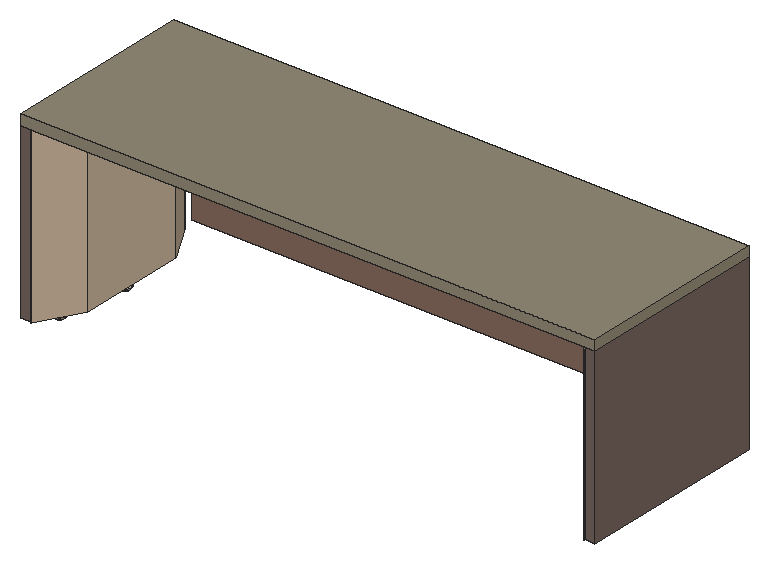
Revit family "Desk-Teknion-CHDH_High_Adjustable_Desk-R2021", category Furniture, Revit 2021
Family settings
  OmniClass Number = 23.40.20.00
  OmniClass Title = General Furniture and Specialties
  Work Plane-Based = No
  Always vertical = Yes
  Cut with Voids When Loaded = No
  Shared = Yes
  Room Calculation Point = No
Parameters (values of type "28" Depth, Mid Modesty Height , Inset Position")
  Width [instance] = 84.000"
  Warranty = "http://www.teknion.com/ca/papers/legal-canada"
  Unit Weight URL = "http://www.teknion.com/ca/tools/assets#&asset=bee6a381-b954-425e-8283-5a2de3a804f2,f828d448-4b62-4231-9e5f-9a8991c0ed77"
  URL = "www.teknion.com"
  Top Finish [instance] = Veneer - Teknion - VF - Desert Fawn
  To render please download texture images found here [instance] = "https://assets.teknion.com/web/5e81352c1dfdb467/revit-material-swatches/"
  Sustainability Data = "https://www.teknion.com/ca/tools/assets#&topic=216f99a5-57a0-44fc-b10a-9dee9b29ae4c&asset=444deb64-fe58-4b68-981e-f75e97781df7,b4ff2d81-9f2e-437d-9659-7cffb09c31cf"
  Series = "Chronicle"  # constant formula
  Product Page URL = "https://www.teknion.com/ca/products/product-details?productLineId=2302c16f-8e7a-673b-a6c8-ff05004460c4"
  Product Line = "Chronicle"  # constant formula
  Product Documentation Link = "https://www.teknion.com/pricing/chronicle/pdfs/Height-Adjustable_ppg.pdf"
  Part Number = "CHDH"  # constant formula
  Modesty Height = 20.250"
  Modesty Finish [instance] = Veneer-Teknion-UK-Natural_Veneer_V2-Medium_Dark_Cherry
  Model = "CHDH28_C"
  Metal Finish [instance] = Paint - Teknion - CQ - Chroma Metal - Soft Gold
  Manufacturer Phone = "416-661-3370"  # constant formula
  Manufacturer Fax = "416.661.4586"  # constant formula
  Manufacturer Contact Information = "http://www.teknion.com/ca/contactus"
  Manufacturer Address = "1150 Flint Road, Toronto, ON. M3J 2J5. Canada"  # constant formula
  Manufacturer = "Teknion"  # constant formula
  How To Use Teknion Materials User Guide [instance] = "https://assets.teknion.com/m/205dd0a49fa58060/original/How-to-add-a-Material-Library-and-Texture-Images-to-your-Revit-project.pdf"
  Gable Finish [instance] = Veneer-Teknion-UM-Natural_Veneer_V2-Dark_Brown_Cherry
  For Additional Finishes please visit [instance] = "https://assets.teknion.com/m/44a8009b046e5d47/original/Teknion_Materials_Library.zip"
  Description = "Height Adjustable Desk, 28\" Depth, Mid Modesty Height , Inset Position"
  Depth = 28.000"
  Default Elevation = 0.000"
  Available Width [instance] = "60,66,72,78,84 inches"  # constant formula
  Assembly Code = "E2020200"
Types (5): name | Top Finish | Modesty Height | Modesty Finish | Model | Metal Finish | Gable Finish | Description | Depth
  (no name) | Veneer - Teknion - VF - Desert Fawn | 20.250" | Veneer-Teknion-UK-Natural_Veneer_V2-Medium_Dark_Cherry | "CHDH28_C" | Paint - Teknion - CQ - Chroma Metal - Soft Gold | Veneer-Teknion-UM-Natural_Veneer_V2-Dark_Brown_Cherry | "Height Adjustable Desk, 28\" Depth, Mid Modesty Height , Inset Position" | 28.000"
  28" Depth, Partial Modesty Height , Inset Position | Veneer - Teknion - DV - Sierra | 10.000" | Veneer - Teknion - U5 - Arabica Walnut | "CHDH28_A" | Paint-Teknion-85-Y-Foundation-Clay | Veneer - Teknion - U1 - Salted Oak | "Height Adjustable Desk, 28\" Depth, Partial Modesty Height , Inset Position" | 28.000"
  28" Depth, Mid Modesty Height , Inset Position | Veneer - Teknion - VF - Desert Fawn | 20.250" | Veneer-Teknion-UK-Natural_Veneer_V2-Medium_Dark_Cherry | "CHDH28_C" | Paint - Teknion - CQ - Chroma Metal - Soft Gold | Veneer-Teknion-UM-Natural_Veneer_V2-Dark_Brown_Cherry | "Height Adjustable Desk, 28\" Depth, Mid Modesty Height , Inset Position" | 28.000"
  34" Depth, Partial Modesty Height , Inset Position | Veneer - Teknion - DV - Sierra | 10.000" | Veneer - Teknion - U5 - Arabica Walnut | "CHDH34_A" | Paint - Teknion - CQ - Chroma Metal - Soft Gold | Veneer - Teknion - DV - Sierra | "Height Adjustable Desk, 34\" Depth, Partial Modesty Height , Inset Position" | 34.000"
  34" Depth, Mid Modesty Height , Inset Position | Veneer-Teknion-LQ-Natural_Veneer_V3-Poppy_Seed_Flat_Cut | 20.250" | Veneer-Teknion-UM-Natural_Veneer_V2-Dark_Brown_Cherry | "CHDH34_C" | Paint-Teknion-20-T-Foundation-Atrium White | Veneer-Teknion-LQ-Natural_Veneer_V3-Poppy_Seed_Flat_Cut | "Height Adjustable Desk, 34\" Depth, Mid Modesty Height , Inset Position" | 34.000"
Reference planes (in)
  plane 1 "Center Front/Back": y = -1050
  plane 2: z = 0
  plane 3 "Center Left/Right": x = 1350
  plane 4 "Left": x = 1308
  plane 5 "Right": x = 1392
  plane 6 "Back": y = -1036
  plane 7 "Front": y = -1064
  plane 8 "Top": z = 27.49981
  plane 9: y = -1059.9
  plane 10: y = -1040.1
Forms (in)
  Sweep 1, solid, material "Veneer - Teknion - VF - Desert Fawn" <- "Top Finish"
    path origin (0, -1050, 0) x (1, 0, 0) y (0, 0, 1)
      loop
        line (1350, 27.49981) -> (1350, 25.99981)
    profile origin (1350, -1050, 26.74981) x (0, -1, 0) y (1, 0, 0)
      loop
        line (-14, -42) -> (14, -42) -> (14, 42) -> (-14, 42) -> (-14, -42)
  Sweep 2, solid, material "Veneer-Teknion-UM-Natural_Veneer_V2-Dark_Brown_Cherry" <- "Gable Finish"
    path origin (0, -1050, 0) x (1, 0, 0) y (0, 0, 1)
      loop
        line (1350, 25.99981) -> (1350, 0.81181)
    profile origin (1350, -1050, 13.40581) x (0, -1, 0) y (1, 0, 0)
      loop
        line (-14, -42) -> (14, -42) -> (14, -40.476) -> (-14, -40.476) -> (-14, -42)
      loop
        line (-14, 42) -> (-14, 40.476) -> (14, 40.476) -> (14, 42) -> (-14, 42)
  Sweep 3, solid, material "Paint - Teknion - CQ - Chroma Metal - Soft Gold" <- "Metal Finish"
    path origin (0, -1050, 0) x (1, 0, 0) y (0, 0, 1)
      loop
        line (1350, 25.99981) -> (1350, 0.74981)
    profile origin (1350, -1050, 13.37481) x (0, -1, 0) y (1, 0, 0)
      loop
        line (8.02547, -36.94) -> (-8.02547, -36.94) -> (-13.93022, -40.34911)
        arc (-13.93022, -40.34911) -> (-13.9619, -40.4256) -> (-13.89622, -40.476) r 0.068
        line (-13.89622, -40.476) -> (13.89622, -40.476)
        arc (13.89622, -40.476) -> (13.9619, -40.4256) -> (13.93022, -40.34911) r 0.068
        line (13.93022, -40.34911) -> (8.02547, -36.94)
      loop
        line (8.02547, 36.94) -> (13.93022, 40.34911)
        arc (13.93022, 40.34911) -> (13.9619, 40.4256) -> (13.89622, 40.476) r 0.068
        line (13.89622, 40.476) -> (-13.89622, 40.476)
        arc (-13.89622, 40.476) -> (-13.9619, 40.4256) -> (-13.93022, 40.34911) r 0.068
        line (-13.93022, 40.34911) -> (-8.02547, 36.94) -> (8.02547, 36.94)
  Sweep 4, void
    path origin (0, 0, 0) x (1, 0, 0) y (0, 1, 0)
      loop
        line (1392, -1050) -> (1308, -1050)
    profile origin (1350, -1050, 0) x (0, -1, 0) y (0, 0, 1)
      loop
        line (3.5, 23.99981) -> (3.5, 25.99981) -> (-3.5, 25.99981) -> (-3.5, 23.99981)
        arc (-3.5, 23.99981) -> (-3.46339, 23.91142) -> (-3.375, 23.87481) r 0.125
        line (-3.375, 23.87481) -> (3.375, 23.87481)
        arc (3.375, 23.87481) -> (3.46339, 23.91142) -> (3.5, 23.99981) r 0.125
  Sweep 5, solid, material "Paint - Teknion - CQ - Chroma Metal - Soft Gold" <- "Metal Finish"
    path origin (0, 0, 0) x (1, 0, 0) y (0, 1, 0)
      loop
        line (1317, -1050) -> (1383, -1050)
    profile origin (1350, -1050, 0) x (0, 1, 0) y (0, 0, 1)
      loop
        arc (-2.07, 24.00581) -> (-2.04335, 23.94146) -> (-1.979, 23.91481) r 0.091
        line (-1.979, 23.91481) -> (-1.411, 23.91481)
        arc (-1.411, 23.91481) -> (-1.34665, 23.94146) -> (-1.32, 24.00581) r 0.091
        line (-1.32, 24.00581) -> (-1.32, 24.90981) -> (-1.38, 24.90981) -> (-1.38, 24.00581)
        arc (-1.38, 24.00581) -> (-1.38908, 23.98389) -> (-1.411, 23.97481) r 0.031
        line (-1.411, 23.97481) -> (-1.979, 23.97481)
        arc (-1.979, 23.97481) -> (-2.00092, 23.98389) -> (-2.01, 24.00581) r 0.031
        line (-2.01, 24.00581) -> (-2.01, 25.90881)
        arc (-2.01, 25.90881) -> (-2.00092, 25.93073) -> (-1.979, 25.93981) r 0.031
        line (-1.979, 25.93981) -> (-0.82, 25.93981) -> (-0.82, 25.99981) -> (-1.979, 25.99981)
        arc (-1.979, 25.99981) -> (-2.04335, 25.97315) -> (-2.07, 25.90881) r 0.091
        line (-2.07, 25.90881) -> (-2.07, 24.00581)
  Sweep 6, solid, material "Paint - Teknion - CQ - Chroma Metal - Soft Gold" <- "Metal Finish"
    path origin (0, 0, 0) x (1, 0, 0) y (0, 1, 0)
      loop
        line (1317, -1050) -> (1313.06, -1050)
    profile origin (1315.03, -1050, 0) x (0, -1, 0) y (0, 0, 1)
      loop
        line (2.041, 25.87981) -> (6.01, 25.87981) -> (6.01, 25.99981) -> (2.041, 25.99981)
        arc (2.041, 25.99981) -> (1.93423, 25.95558) -> (1.89, 25.84881) r 0.151
        line (1.89, 25.84881) -> (1.89, 24.06581)
        arc (1.89, 24.06581) -> (1.88092, 24.04389) -> (1.859, 24.03481) r 0.031
        line (1.859, 24.03481) -> (0.041, 24.03481) -> (0.041, 23.91481) -> (1.859, 23.91481)
        arc (1.859, 23.91481) -> (1.96577, 23.95903) -> (2.01, 24.06581) r 0.151
        line (2.01, 24.06581) -> (2.01, 25.84881)
        arc (2.01, 25.84881) -> (2.01908, 25.87073) -> (2.041, 25.87981) r 0.031
      loop
        arc (-2.041, 25.87981) -> (-2.01908, 25.87073) -> (-2.01, 25.84881) r 0.031
        line (-2.01, 25.84881) -> (-2.01, 24.06581)
        arc (-2.01, 24.06581) -> (-1.96577, 23.95903) -> (-1.859, 23.91481) r 0.151
        line (-1.859, 23.91481) -> (-0.041, 23.91481) -> (-0.041, 24.03481) -> (-1.859, 24.03481)
        arc (-1.859, 24.03481) -> (-1.88092, 24.04389) -> (-1.89, 24.06581) r 0.031
        line (-1.89, 24.06581) -> (-1.89, 25.84881)
        arc (-1.89, 25.84881) -> (-1.93423, 25.95558) -> (-2.041, 25.99981) r 0.151
        line (-2.041, 25.99981) -> (-6.01, 25.99981) -> (-6.01, 25.87981) -> (-2.041, 25.87981)
  Sweep 7, solid, material "Paint - Teknion - CQ - Chroma Metal - Soft Gold" <- "Metal Finish"
    path origin (0, 0, 0) x (1, 0, 0) y (0, 1, 0)
      loop
        line (1383, -1050) -> (1386.94, -1050)
    profile origin (1384.97, -1050, 0) x (0, 1, 0) y (0, 0, 1)
      loop
        line (-6.01, 25.87981) -> (-2.041, 25.87981)
        arc (-2.041, 25.87981) -> (-2.01908, 25.87073) -> (-2.01, 25.84881) r 0.031
        line (-2.01, 25.84881) -> (-2.01, 24.06581)
        arc (-2.01, 24.06581) -> (-1.96577, 23.95903) -> (-1.859, 23.91481) r 0.151
        line (-1.859, 23.91481) -> (-0.041, 23.91481) -> (-0.041, 24.03481) -> (-1.859, 24.03481)
        arc (-1.859, 24.03481) -> (-1.88092, 24.04389) -> (-1.89, 24.06581) r 0.031
        line (-1.89, 24.06581) -> (-1.89, 25.84881)
        arc (-1.89, 25.84881) -> (-1.93423, 25.95558) -> (-2.041, 25.99981) r 0.151
        line (-2.041, 25.99981) -> (-6.01, 25.99981) -> (-6.01, 25.87981)
      loop
        line (0.041, 24.03481) -> (0.041, 23.91481) -> (1.859, 23.91481)
        arc (1.859, 23.91481) -> (1.96577, 23.95903) -> (2.01, 24.06581) r 0.151
        line (2.01, 24.06581) -> (2.01, 25.84881)
        arc (2.01, 25.84881) -> (2.01908, 25.87073) -> (2.041, 25.87981) r 0.031
        line (2.041, 25.87981) -> (6.01, 25.87981) -> (6.01, 25.99981) -> (2.041, 25.99981)
        arc (2.041, 25.99981) -> (1.93423, 25.95558) -> (1.89, 25.84881) r 0.151
        line (1.89, 25.84881) -> (1.89, 24.06581)
        arc (1.89, 24.06581) -> (1.88092, 24.04389) -> (1.859, 24.03481) r 0.031
        line (1.859, 24.03481) -> (0.041, 24.03481)
  Sweep 8, solid, material "Veneer-Teknion-UK-Natural_Veneer_V2-Medium_Dark_Cherry" <- "Modesty Finish"
    path origin (0, 0, 0) x (1, 0, 0) y (0, 1, 0)
      loop
        line (1350, -1040) -> (1350, -1040.724)
    profile origin (1350, -1040.362, 0) x (1, 0, 0) y (0, 0, 1)
      loop
        line (-35.5, 25.99981) -> (-35.5, 5.74981) -> (35.5, 5.74981) -> (35.5, 25.99981) -> (2.275, 25.99981) -> (2.275, 25.29981)
        arc (2.275, 25.29981) -> (2.12855, 24.94625) -> (1.775, 24.79981) r 0.5
        line (1.775, 24.79981) -> (-1.775, 24.79981)
        arc (-1.775, 24.79981) -> (-2.12855, 24.94625) -> (-2.275, 25.29981) r 0.5
        line (-2.275, 25.29981) -> (-2.275, 25.99981) -> (-35.5, 25.99981)
  Sweep 9, solid, material "Paint - Teknion - CQ - Chroma Metal - Soft Gold" <- "Metal Finish"
    path origin (0, -1050, 0) x (1, 0, 0) y (0, 0, 1)
      loop
        line (1350, 0.50557) -> (1350, 0.29441)
    profile origin (1350, -1050, 0.39999) x (0, -1, 0) y (1, 0, 0)
      loop
        line (-10.15197, -39.34873) -> (-10.15197, -39.63968) -> (-9.9, -39.78515) -> (-9.64803, -39.63968) -> (-9.64803, -39.34873) -> (-9.9, -39.20326) -> (-10.15197, -39.34873)
      loop
        line (-0.25197, -37.69173) -> (-0.25197, -37.98268) -> (0, -38.12815) -> (0.25197, -37.98268) -> (0.25197, -37.69173) -> (0, -37.54626) -> (-0.25197, -37.69173)
      loop
        line (9.64803, -39.34873) -> (9.64803, -39.63968) -> (9.9, -39.78515) -> (10.15197, -39.63968) -> (10.15197, -39.34873) -> (9.9, -39.20326) -> (9.64803, -39.34873)
      loop
        line (-10.15197, 39.34873) -> (-9.9, 39.20326) -> (-9.64803, 39.34873) -> (-9.64803, 39.63968) -> (-9.9, 39.78515) -> (-10.15197, 39.63968) -> (-10.15197, 39.34873)
      loop
        line (-0.25197, 37.69173) -> (0, 37.54626) -> (0.25197, 37.69173) -> (0.25197, 37.98268) -> (0, 38.12815) -> (-0.25197, 37.98268) -> (-0.25197, 37.69173)
      loop
        line (9.64803, 39.34873) -> (9.9, 39.20326) -> (10.15197, 39.34873) -> (10.15197, 39.63968) -> (9.9, 39.78515) -> (9.64803, 39.63968) -> (9.64803, 39.34873)
  Revolve 10, solid, material "Paint - Teknion - CQ - Chroma Metal - Soft Gold" <- "Metal Finish"
    sketch origin (1310.21485, -1040.1, 48) x (-1, 0, 0) y (0, 0, 1)
      loop
        line (-0.29095, -47.25019) -> (-0.47432, -47.25019) -> (-0.47432, -47.67079)
        arc (-0.47432, -47.67079) -> (-0.78134, -47.68323) -> (-1.08769, -47.707) r 8.32177
        line (-1.08769, -47.707) -> (-1.00945, -47.84252) -> (-0.96503, -47.84252) -> (-0.87411, -48) -> (-0.29095, -48) -> (-0.29095, -47.25019)
      axis (-0.29095, -47.25019) -> (-0.29095, -48)
    angle from 0 to 360
  Revolve 11, solid, material "Paint - Teknion - CQ - Chroma Metal - Soft Gold" <- "Metal Finish"
    sketch origin (1310.21485, -1040.1, 48) x (-1, 0, 0) y (0, 0, 1)
      loop
        line (-79.27936, -47.25019) -> (-79.27936, -48) -> (-78.69619, -48) -> (-78.60527, -47.84252) -> (-78.56085, -47.84252) -> (-78.48261, -47.707)
        arc (-78.48261, -47.707) -> (-78.78896, -47.68323) -> (-79.09599, -47.67079) r 8.32177
        line (-79.09599, -47.67079) -> (-79.09599, -47.25019) -> (-79.27936, -47.25019)
      axis (-79.27936, -47.25019) -> (-79.27936, -48)
    angle from 0 to 360
  Revolve 12, solid, material "Paint - Teknion - CQ - Chroma Metal - Soft Gold" <- "Metal Finish"
    sketch origin (1310.21485, -1059.9, 48) x (-1, 0, 0) y (0, 0, 1)
      loop
        line (-79.27936, -47.25019) -> (-79.27936, -48) -> (-78.69619, -48) -> (-78.60527, -47.84252) -> (-78.56085, -47.84252) -> (-78.48261, -47.707)
        arc (-78.48261, -47.707) -> (-78.78896, -47.68323) -> (-79.09599, -47.67079) r 8.32177
        line (-79.09599, -47.67079) -> (-79.09599, -47.25019) -> (-79.27936, -47.25019)
      axis (-79.27936, -47.25019) -> (-79.27936, -48)
    angle from 0 to 360
  Revolve 13, solid, material "Paint - Teknion - CQ - Chroma Metal - Soft Gold" <- "Metal Finish"
    sketch origin (1310.21485, -1059.9, 48) x (-1, 0, 0) y (0, 0, 1)
      loop
        line (-0.29095, -47.25019) -> (-0.47432, -47.25019) -> (-0.47432, -47.67079)
        arc (-0.47432, -47.67079) -> (-0.78134, -47.68323) -> (-1.08769, -47.707) r 8.32177
        line (-1.08769, -47.707) -> (-1.00945, -47.84252) -> (-0.96503, -47.84252) -> (-0.87411, -48) -> (-0.29095, -48) -> (-0.29095, -47.25019)
      axis (-0.29095, -47.25019) -> (-0.29095, -48)
    angle from 0 to 360
  Revolve 14, solid, material "Paint - Teknion - CQ - Chroma Metal - Soft Gold" <- "Metal Finish"
    sketch origin (1311.87185, -1050, 48) x (-1, 0, 0) y (0, 0, 1)
      loop
        line (-0.29095, -47.25019) -> (-0.47432, -47.25019) -> (-0.47432, -47.67079)
        arc (-0.47432, -47.67079) -> (-0.78134, -47.68323) -> (-1.08769, -47.707) r 8.32177
        line (-1.08769, -47.707) -> (-1.00945, -47.84252) -> (-0.96503, -47.84252) -> (-0.87411, -48) -> (-0.29095, -48) -> (-0.29095, -47.25019)
      axis (-0.29095, -47.25019) -> (-0.29095, -48)
    angle from 0 to 360
  Revolve 15, solid, material "Paint - Teknion - CQ - Chroma Metal - Soft Gold" <- "Metal Finish"
    sketch origin (1388.12815, -1050, 48) x (1, 0, 0) y (0, 0, -1)
      loop
        line (-0.29095, 47.25019) -> (-0.29095, 48) -> (-0.87411, 48) -> (-0.96503, 47.84252) -> (-1.00945, 47.84252) -> (-1.08769, 47.707)
        arc (-1.08769, 47.707) -> (-0.78134, 47.68323) -> (-0.47432, 47.67079) r 8.32177
        line (-0.47432, 47.67079) -> (-0.47432, 47.25019) -> (-0.29095, 47.25019)
      axis (-0.29095, 47.25019) -> (-0.29095, 48)
    angle from 0 to 360
Cuts and joins
  Sweep 4 cuts Sweep 3
  joined: Sweep 5, Sweep 6, Sweep 7
Lines and regions (in)
  Masking region 1
    outline origin (0, 0, 0) x (1, 0, 0) y (0, 1, 0)
      loop
        line (1308, -1036) -> (1308, -1064) -> (1392, -1064) -> (1392, -1036) -> (1308, -1036)
  symbolic lines, style "FurnitureHiddenLines", detail levels medium+fine
    curve 1: line (1314.5, -1040, 0) -> (1385.5, -1040, 0)
    curve 2: line (1314.5, -1040.724, 0) -> (1314.5, -1040, 0)
    curve 3: line (1385.5, -1040.724, 0) -> (1314.5, -1040.724, 0)
    curve 4: line (1385.5, -1040, 0) -> (1385.5, -1040.724, 0)
    curve 5: line (1317, -1050.82, 0) -> (1383, -1050.82, 0)
    curve 6: line (1317, -1052.07, 0) -> (1317, -1050.82, 0)
    curve 7: line (1383, -1052.07, 0) -> (1317, -1052.07, 0)
    curve 8: line (1383, -1050.82, 0) -> (1383, -1052.07, 0)
    curve 9: line (1317, -1056.01, 0) -> (1313.06, -1056.01, 0)
    curve 10: line (1317, -1043.99, 0) -> (1317, -1056.01, 0)
    curve 11: line (1313.06, -1043.99, 0) -> (1317, -1043.99, 0)
    curve 12: line (1313.06, -1056.01, 0) -> (1313.06, -1043.99, 0)
    curve 13: line (1383, -1043.99, 0) -> (1386.94, -1043.99, 0)
    curve 14: line (1383, -1056.01, 0) -> (1383, -1043.99, 0)
    curve 15: line (1386.94, -1056.01, 0) -> (1383, -1056.01, 0)
    curve 16: line (1386.94, -1043.99, 0) -> (1386.94, -1056.01, 0)
    curve 17: line (1313.06, -1049.959, 0) -> (1317, -1049.959, 0)
    curve 18: line (1317, -1050.041, 0) -> (1313.06, -1050.041, 0)
    curve 19: line (1309.524, -1046.5, 0) -> (1313.06, -1046.5, 0)
    curve 20: line (1313.06, -1053.5, 0) -> (1309.524, -1053.5, 0)
    curve 21: line (1386.94, -1046.5, 0) -> (1390.476, -1046.5, 0)
    curve 22: line (1390.476, -1053.5, 0) -> (1386.94, -1053.5, 0)
    curve 23: line (1309.65089, -1063.93022, 0) -> (1313.06, -1058.02547, 0)
    curve 24: line (1309.524, -1064, 0) -> (1309.524, -1036, 0)
    curve 25: line (1313.06, -1041.97453, 0) -> (1309.65089, -1036.06978, 0)
    curve 26: line (1390.34911, -1036.06978, 0) -> (1386.94, -1041.97453, 0)
    curve 27: line (1390.476, -1036, 0) -> (1390.476, -1064, 0)
    curve 28: line (1386.94, -1058.02547, 0) -> (1390.34911, -1063.93022, 0)
    curve 29: line (1383, -1051.32, 0) -> (1317, -1051.32, 0)
    curve 30: line (1317, -1051.38, 0) -> (1383, -1051.38, 0)
    curve 31: line (1383, -1051.89, 0) -> (1386.94, -1051.89, 0)
    curve 32: line (1383, -1048.11, 0) -> (1386.94, -1048.11, 0)
    curve 33: line (1383, -1052.01, 0) -> (1317, -1052.01, 0)
    curve 130: arc (1309.65089, -1036.06978, 0) -> (1309.5744, -1036.0381, 0) -> (1309.524, -1036.10378, 0) r 0.068
    curve 131: arc (1309.524, -1063.89622, 0) -> (1309.5744, -1063.9619, 0) -> (1309.65089, -1063.93022, 0) r 0.068
    curve 132: arc (1390.34911, -1063.93022, 0) -> (1390.4256, -1063.9619, 0) -> (1390.476, -1063.89622, 0) r 0.068
    curve 133: arc (1390.476, -1036.10378, 0) -> (1390.4256, -1036.0381, 0) -> (1390.34911, -1036.06978, 0) r 0.068
  symbolic lines, style "FurnitureHiddenLines", detail levels fine
    curve 34: arc (1309.70905, -1040.1, 0) -> (1310.5058, -1039.30325, 0) -> (1311.30254, -1040.1, 0) r 0.79675
    curve 35: arc (1309.78729, -1040.1, 0) -> (1310.5058, -1039.3815, 0) -> (1311.2243, -1040.1, 0) r 0.7185
    curve 36: arc (1309.83171, -1040.1, 0) -> (1310.5058, -1039.42591, 0) -> (1311.17988, -1040.1, 0) r 0.67409
    curve 37: arc (1309.92263, -1040.1, 0) -> (1310.5058, -1039.51684, 0) -> (1311.08896, -1040.1, 0) r 0.58316
    curve 38: line (1310.65127, -1039.84803, 0) -> (1310.36032, -1039.84803, 0)
    curve 39: line (1310.36032, -1039.84803, 0) -> (1310.21485, -1040.1, 0)
    curve 40: line (1310.79674, -1040.1, 0) -> (1310.65127, -1039.84803, 0)
    curve 41: arc (1310.68917, -1040.1, 0) -> (1310.5058, -1039.91663, 0) -> (1310.32242, -1040.1, 0) r 0.18337
    curve 42: arc (1310.32242, -1040.1, 0) -> (1310.5058, -1040.28337, 0) -> (1310.68917, -1040.1, 0) r 0.18337
    curve 43: line (1310.36032, -1040.35197, 0) -> (1310.65127, -1040.35197, 0)
    curve 44: line (1310.21485, -1040.1, 0) -> (1310.36032, -1040.35197, 0)
    curve 45: line (1310.65127, -1040.35197, 0) -> (1310.79674, -1040.1, 0)
    curve 46: arc (1311.08896, -1040.1, 0) -> (1310.5058, -1040.68316, 0) -> (1309.92263, -1040.1, 0) r 0.58316
    curve 47: arc (1311.17988, -1040.1, 0) -> (1310.5058, -1040.77409, 0) -> (1309.83171, -1040.1, 0) r 0.67409
    curve 48: arc (1311.2243, -1040.1, 0) -> (1310.5058, -1040.8185, 0) -> (1309.78729, -1040.1, 0) r 0.7185
    curve 49: arc (1311.30254, -1040.1, 0) -> (1310.5058, -1040.89675, 0) -> (1309.70905, -1040.1, 0) r 0.79675
    curve 50: arc (1311.36605, -1050, 0) -> (1312.1628, -1049.20325, 0) -> (1312.95954, -1050, 0) r 0.79675
    curve 51: arc (1311.44429, -1050, 0) -> (1312.1628, -1049.2815, 0) -> (1312.8813, -1050, 0) r 0.7185
    curve 52: arc (1311.48871, -1050, 0) -> (1312.1628, -1049.32591, 0) -> (1312.83688, -1050, 0) r 0.67409
    curve 53: arc (1311.57963, -1050, 0) -> (1312.1628, -1049.41684, 0) -> (1312.74596, -1050, 0) r 0.58316
    curve 54: line (1312.30827, -1049.74803, 0) -> (1312.01732, -1049.74803, 0)
    curve 55: line (1312.01732, -1049.74803, 0) -> (1311.87185, -1050, 0)
    curve 56: line (1312.45374, -1050, 0) -> (1312.30827, -1049.74803, 0)
    curve 57: arc (1311.97942, -1050, 0) -> (1312.1628, -1049.81663, 0) -> (1312.34617, -1050, 0) r 0.18337
    curve 58: arc (1312.34617, -1050, 0) -> (1312.1628, -1050.18337, 0) -> (1311.97942, -1050, 0) r 0.18337
    curve 59: line (1312.01732, -1050.25197, 0) -> (1312.30827, -1050.25197, 0)
    curve 60: line (1311.87185, -1050, 0) -> (1312.01732, -1050.25197, 0)
    curve 61: line (1312.30827, -1050.25197, 0) -> (1312.45374, -1050, 0)
    curve 62: arc (1312.74596, -1050, 0) -> (1312.1628, -1050.58316, 0) -> (1311.57963, -1050, 0) r 0.58316
    curve 63: arc (1312.83688, -1050, 0) -> (1312.1628, -1050.67409, 0) -> (1311.48871, -1050, 0) r 0.67409
    curve 64: arc (1312.8813, -1050, 0) -> (1312.1628, -1050.7185, 0) -> (1311.44429, -1050, 0) r 0.7185
    curve 65: arc (1312.95954, -1050, 0) -> (1312.1628, -1050.79675, 0) -> (1311.36605, -1050, 0) r 0.79675
    curve 66: arc (1309.70905, -1059.9, 0) -> (1310.5058, -1059.10325, 0) -> (1311.30254, -1059.9, 0) r 0.79675
    curve 67: arc (1309.78729, -1059.9, 0) -> (1310.5058, -1059.1815, 0) -> (1311.2243, -1059.9, 0) r 0.7185
    curve 68: arc (1309.83171, -1059.9, 0) -> (1310.5058, -1059.22591, 0) -> (1311.17988, -1059.9, 0) r 0.67409
    curve 69: arc (1309.92263, -1059.9, 0) -> (1310.5058, -1059.31684, 0) -> (1311.08896, -1059.9, 0) r 0.58316
    curve 70: line (1310.65127, -1059.64803, 0) -> (1310.36032, -1059.64803, 0)
    curve 71: line (1310.36032, -1059.64803, 0) -> (1310.21485, -1059.9, 0)
    curve 72: line (1310.79674, -1059.9, 0) -> (1310.65127, -1059.64803, 0)
    curve 73: arc (1310.32242, -1059.9, 0) -> (1310.5058, -1059.71663, 0) -> (1310.68917, -1059.9, 0) r 0.18337
    curve 74: arc (1310.68917, -1059.9, 0) -> (1310.5058, -1060.08337, 0) -> (1310.32242, -1059.9, 0) r 0.18337
    curve 75: line (1310.36032, -1060.15197, 0) -> (1310.65127, -1060.15197, 0)
    curve 76: line (1310.21485, -1059.9, 0) -> (1310.36032, -1060.15197, 0)
    curve 77: line (1310.65127, -1060.15197, 0) -> (1310.79674, -1059.9, 0)
    curve 78: arc (1311.08896, -1059.9, 0) -> (1310.5058, -1060.48316, 0) -> (1309.92263, -1059.9, 0) r 0.58316
    curve 79: arc (1311.17988, -1059.9, 0) -> (1310.5058, -1060.57409, 0) -> (1309.83171, -1059.9, 0) r 0.67409
    curve 80: arc (1311.2243, -1059.9, 0) -> (1310.5058, -1060.6185, 0) -> (1309.78729, -1059.9, 0) r 0.7185
    curve 81: arc (1311.30254, -1059.9, 0) -> (1310.5058, -1060.69675, 0) -> (1309.70905, -1059.9, 0) r 0.79675
    curve 82: arc (1388.69746, -1059.9, 0) -> (1389.4942, -1059.10325, 0) -> (1390.29095, -1059.9, 0) r 0.79675
    curve 83: arc (1388.7757, -1059.9, 0) -> (1389.4942, -1059.1815, 0) -> (1390.21271, -1059.9, 0) r 0.7185
    curve 84: arc (1388.82012, -1059.9, 0) -> (1389.4942, -1059.22591, 0) -> (1390.16829, -1059.9, 0) r 0.67409
    curve 85: arc (1388.91104, -1059.9, 0) -> (1389.4942, -1059.31684, 0) -> (1390.07737, -1059.9, 0) r 0.58316
    curve 86: line (1389.63968, -1059.64803, 0) -> (1389.34873, -1059.64803, 0)
    curve 87: line (1389.34873, -1059.64803, 0) -> (1389.20326, -1059.9, 0)
    curve 88: line (1389.78515, -1059.9, 0) -> (1389.63968, -1059.64803, 0)
    curve 89: arc (1389.67758, -1059.9, 0) -> (1389.4942, -1059.71663, 0) -> (1389.31083, -1059.9, 0) r 0.18337
    curve 90: arc (1389.31083, -1059.9, 0) -> (1389.4942, -1060.08337, 0) -> (1389.67758, -1059.9, 0) r 0.18337
    curve 91: line (1389.34873, -1060.15197, 0) -> (1389.63968, -1060.15197, 0)
    curve 92: line (1389.20326, -1059.9, 0) -> (1389.34873, -1060.15197, 0)
    curve 93: line (1389.63968, -1060.15197, 0) -> (1389.78515, -1059.9, 0)
    curve 94: arc (1390.07737, -1059.9, 0) -> (1389.4942, -1060.48316, 0) -> (1388.91104, -1059.9, 0) r 0.58316
    curve 95: arc (1390.16829, -1059.9, 0) -> (1389.4942, -1060.57409, 0) -> (1388.82012, -1059.9, 0) r 0.67409
    curve 96: arc (1390.21271, -1059.9, 0) -> (1389.4942, -1060.6185, 0) -> (1388.7757, -1059.9, 0) r 0.7185
    curve 97: arc (1390.29095, -1059.9, 0) -> (1389.4942, -1060.69675, 0) -> (1388.69746, -1059.9, 0) r 0.79675
    curve 98: arc (1387.04046, -1050, 0) -> (1387.8372, -1049.20325, 0) -> (1388.63395, -1050, 0) r 0.79675
    curve 99: arc (1387.1187, -1050, 0) -> (1387.8372, -1049.2815, 0) -> (1388.55571, -1050, 0) r 0.7185
    curve 100: arc (1387.16312, -1050, 0) -> (1387.8372, -1049.32591, 0) -> (1388.51129, -1050, 0) r 0.67409
    curve 101: arc (1387.25404, -1050, 0) -> (1387.8372, -1049.41684, 0) -> (1388.42037, -1050, 0) r 0.58316
    curve 102: line (1387.98268, -1049.74803, 0) -> (1387.69173, -1049.74803, 0)
    curve 103: line (1387.69173, -1049.74803, 0) -> (1387.54626, -1050, 0)
    curve 104: line (1388.12815, -1050, 0) -> (1387.98268, -1049.74803, 0)
    curve 105: arc (1388.02058, -1050, 0) -> (1387.8372, -1049.81663, 0) -> (1387.65383, -1050, 0) r 0.18337
    curve 106: arc (1387.65383, -1050, 0) -> (1387.8372, -1050.18337, 0) -> (1388.02058, -1050, 0) r 0.18337
    curve 107: line (1387.69173, -1050.25197, 0) -> (1387.98268, -1050.25197, 0)
    curve 108: line (1387.54626, -1050, 0) -> (1387.69173, -1050.25197, 0)
    curve 109: line (1387.98268, -1050.25197, 0) -> (1388.12815, -1050, 0)
    curve 110: arc (1388.42037, -1050, 0) -> (1387.8372, -1050.58316, 0) -> (1387.25404, -1050, 0) r 0.58316
    curve 111: arc (1388.51129, -1050, 0) -> (1387.8372, -1050.67409, 0) -> (1387.16312, -1050, 0) r 0.67409
    curve 112: arc (1388.55571, -1050, 0) -> (1387.8372, -1050.7185, 0) -> (1387.1187, -1050, 0) r 0.7185
    curve 113: arc (1388.63395, -1050, 0) -> (1387.8372, -1050.79675, 0) -> (1387.04046, -1050, 0) r 0.79675
    curve 114: arc (1388.69746, -1040.1, 0) -> (1389.4942, -1039.30325, 0) -> (1390.29095, -1040.1, 0) r 0.79675
    curve 115: arc (1388.7757, -1040.1, 0) -> (1389.4942, -1039.3815, 0) -> (1390.21271, -1040.1, 0) r 0.7185
    curve 116: arc (1388.82012, -1040.1, 0) -> (1389.4942, -1039.42591, 0) -> (1390.16829, -1040.1, 0) r 0.67409
    curve 117: arc (1388.91104, -1040.1, 0) -> (1389.4942, -1039.51684, 0) -> (1390.07737, -1040.1, 0) r 0.58316
    curve 118: line (1389.63968, -1039.84803, 0) -> (1389.34873, -1039.84803, 0)
    curve 119: line (1389.34873, -1039.84803, 0) -> (1389.20326, -1040.1, 0)
    curve 120: line (1389.78515, -1040.1, 0) -> (1389.63968, -1039.84803, 0)
    curve 121: arc (1389.31083, -1040.1, 0) -> (1389.4942, -1039.91663, 0) -> (1389.67758, -1040.1, 0) r 0.18337
    curve 122: arc (1389.67758, -1040.1, 0) -> (1389.4942, -1040.28337, 0) -> (1389.31083, -1040.1, 0) r 0.18337
    curve 123: line (1389.34873, -1040.35197, 0) -> (1389.63968, -1040.35197, 0)
    curve 124: line (1389.20326, -1040.1, 0) -> (1389.34873, -1040.35197, 0)
    curve 125: line (1389.63968, -1040.35197, 0) -> (1389.78515, -1040.1, 0)
    curve 126: arc (1390.07737, -1040.1, 0) -> (1389.4942, -1040.68316, 0) -> (1388.91104, -1040.1, 0) r 0.58316
    curve 127: arc (1390.16829, -1040.1, 0) -> (1389.4942, -1040.77409, 0) -> (1388.82012, -1040.1, 0) r 0.67409
    curve 128: arc (1390.21271, -1040.1, 0) -> (1389.4942, -1040.8185, 0) -> (1388.7757, -1040.1, 0) r 0.7185
    curve 129: arc (1390.29095, -1040.1, 0) -> (1389.4942, -1040.89675, 0) -> (1388.69746, -1040.1, 0) r 0.79675
  reference lines
    curve 134: line (1308, -1036, 0) -> (1392, -1036, 0)
    curve 135: line (1308, -1033, 0) -> (1308, -1067, 0)
    curve 136: line (1308, -1064, 0) -> (1392, -1064, 0)
    curve 137: line (1392, -1033, 0) -> (1392, -1067, 0)
Dimensions and locks (in)
  "Width": plane 4 "Left" to plane 5 "Right"
  "Depth": plane 6 "Back" to plane 7 "Front"
  plane 8 "Top" to level = 27.49981"
  equal spacing: plane 6 "Back", plane 1 "Center Front/Back", plane 7 "Front"
  equal spacing: plane 4 "Left", plane 3 "Center Left/Right", plane 5 "Right"
  locked: Sweep 1 sketch curve to Sweep 1 sketch curve at 1.5
  locked: Sweep 2 sketch curve to Sweep 2 sketch curve at 25.188
  locked: Sweep 1 to Sweep 2 sketch curve at 1.524
  locked: Sweep 2 sketch curve to Sweep 1 at 1.524
  locked: Sweep 3 sketch curve to Sweep 3 sketch curve at 25.25
  locked: Sweep 2 to Sweep 3 sketch curve at 3.536
  locked: Sweep 3 sketch curve to Sweep 2 at 3.536
  equal spacing: Sweep 4 sketch curve, plane 1 "Center Front/Back", Sweep 4 sketch curve, locked at 3.5 each
  locked: Sweep 4 sketch curve to Sweep 2 at 2.125
  plane 6 "Back" to Sweep 3 sketch curve to Sweep 3 sketch curve to Sweep 3 sketch curve = 0.06978" locked, 0.034" locked, 5.87075" locked  (x2)
  plane 7 "Front" to Sweep 3 sketch curve to Sweep 3 sketch curve to Sweep 3 sketch curve = 0.06978" locked, 0.034" locked, 5.87075" locked  (x2)
  locked: plane 4 "Left" to Sweep 5 sketch curve at 9
  locked: Sweep 5 sketch curve to plane 5 "Right" at 9
  Sweep 5 sketch curve to Sweep 5 sketch curve to Sweep 5 sketch curve to Sweep 5 sketch curve to Sweep 5 sketch curve = 0.060" locked, 1.030" locked, 0.935" locked, 0.060" locked
  Sweep 5 sketch curve to Sweep 5 sketch curve to Sweep 5 sketch curve to Sweep 5 sketch curve to Sweep 5 sketch curve to plane 1 "Center Front/Back" = 0.060" locked, 0.630" locked, 0.060" locked, 0.500" locked, 0.820" locked
  Sweep 6 sketch curve to Sweep 6 sketch curve to Sweep 6 sketch curve to Sweep 6 sketch curve = 0.120" locked, 1.845" locked, 0.120" locked  (x2)
  Sweep 6 sketch curve to Sweep 6 sketch curve to Sweep 6 sketch curve to Sweep 6 sketch curve to plane 1 "Center Front/Back" = 4.000" locked, 0.120" locked, 1.849" locked, 0.041" locked
  plane 1 "Center Front/Back" to Sweep 6 sketch curve to Sweep 6 sketch curve to Sweep 6 sketch curve to Sweep 6 sketch curve = 0.041" locked, 1.849" locked, 0.120" locked, 4.000" locked
  plane 6 "Back" to Sweep 8 sketch curve to Sweep 8 sketch curve = 4.000" locked, 0.724" locked
  locked: Sweep 1 to Sweep 8 sketch curve at 1.2
  "Modesty Height": Sweep 1 to Sweep 8 sketch curve
  locked: Sweep 8 sketch curve to plane 4 "Left" at 6.5
  locked: Sweep 8 sketch curve to plane 5 "Right" at 6.5
  equal spacing: Sweep 8 sketch curve, plane 3 "Center Left/Right", Sweep 8 sketch curve, locked at 2.275 each
  locked: Sweep 9 sketch curve to Sweep 9 sketch curve at 0.21116
  plane 7 "Front" to Sweep 9 sketch curve to Sweep 9 sketch curve to Sweep 9 sketch curve to Sweep 9 sketch curve = 3.84803" locked, 0.25197" locked, 0.000" locked, 0.25197" locked  (x2)
  plane 4 "Left" to Sweep 9 sketch curve to Sweep 9 sketch curve to Sweep 9 sketch curve to Sweep 9 sketch curve to Sweep 9 sketch curve to Sweep 9 sketch curve = 2.21485" locked, 0.14547" locked, 0.000" locked, 0.29095" locked, 0.000" locked, 0.14547" locked  (x2)
  plane 4 "Left" to Sweep 9 sketch curve to Sweep 9 sketch curve to Sweep 9 sketch curve to Sweep 9 sketch curve to Sweep 9 sketch curve to Sweep 9 sketch curve = 3.87185" locked, 0.14547" locked, 0.000" locked, 0.29095" locked, 0.000" locked, 0.14547" locked
  Sweep 9 sketch curve to plane 1 "Center Front/Back" to Sweep 9 sketch curve = 0.25197" locked, 0.25197" locked  (x2)
  plane 6 "Back" to Sweep 9 sketch curve to Sweep 9 sketch curve to Sweep 9 sketch curve to Sweep 9 sketch curve = 3.84803" locked, 0.25197" locked, 0.000" locked, 0.25197" locked  (x2)
  Sweep 9 sketch curve to Sweep 9 sketch curve to Sweep 9 sketch curve to Sweep 9 sketch curve to Sweep 9 sketch curve to Sweep 9 sketch curve to plane 5 "Right" = 0.14547" locked, 0.000" locked, 0.29095" locked, 0.000" locked, 0.14547" locked, 2.21485" locked  (x2)
  Sweep 9 sketch curve to Sweep 9 sketch curve to Sweep 9 sketch curve to Sweep 9 sketch curve to Sweep 9 sketch curve to Sweep 9 sketch curve to plane 5 "Right" = 0.14547" locked, 0.000" locked, 0.29095" locked, 0.000" locked, 0.14547" locked, 3.87185" locked
  locked: plane 7 "Front" to plane 9 at 4.1
  locked: plane 6 "Back" to plane 10 at 4.1
  locked: Revolve 12 sketch curve to plane 5 "Right" at 2.5058
  Revolve 12 sketch curve to Revolve 12 sketch curve to Revolve 12 sketch curve to Revolve 12 sketch curve to Revolve 12 sketch curve = 0.07824" locked, 0.13534" locked, 0.39979" locked, 0.18337" locked
  Revolve 12 sketch curve to Revolve 12 sketch curve to Revolve 12 sketch curve to Revolve 12 sketch curve to Revolve 12 sketch curve = 0.4206" locked, 0.03621" locked, 0.13552" locked, 0.15748" locked
  locked: Revolve 15 sketch curve to plane 5 "Right" at 4.1628
  Revolve 15 sketch curve to Revolve 15 sketch curve to Revolve 15 sketch curve to Revolve 15 sketch curve to Revolve 15 sketch curve to Revolve 15 sketch curve = 0.07824" locked, 0.04442" locked, 0.09092" locked, 0.39979" locked, 0.18337" locked
  Revolve 15 sketch curve to Revolve 15 sketch curve to Revolve 15 sketch curve to Revolve 15 sketch curve to Revolve 15 sketch curve = 0.4206" locked, 0.03621" locked, 0.13552" locked, 0.15748" locked
  locked: Revolve 11 sketch curve to plane 5 "Right" at 2.5058
  Revolve 11 sketch curve to Revolve 11 sketch curve to Revolve 11 sketch curve to Revolve 11 sketch curve to Revolve 11 sketch curve to Revolve 11 sketch curve = 0.07824" locked, 0.04442" locked, 0.09092" locked, 0.39979" locked, 0.18337" locked
  Revolve 11 sketch curve to Revolve 11 sketch curve to Revolve 11 sketch curve to Revolve 11 sketch curve to Revolve 11 sketch curve = 0.4206" locked, 0.03621" locked, 0.13552" locked, 0.15748" locked
  locked: Revolve 13 sketch curve to plane 4 "Left" at 2.5058
  Revolve 13 sketch curve to Revolve 13 sketch curve to Revolve 13 sketch curve to Revolve 13 sketch curve to Revolve 13 sketch curve to Revolve 13 sketch curve = 0.18337" locked, 0.39979" locked, 0.09092" locked, 0.04442" locked, 0.07824" locked
  Revolve 13 sketch curve to Revolve 13 sketch curve to Revolve 13 sketch curve to Revolve 13 sketch curve to Revolve 13 sketch curve = 0.4206" locked, 0.03621" locked, 0.13552" locked, 0.15748" locked
  locked: Revolve 10 sketch curve to plane 4 "Left" at 2.5058
  Revolve 10 sketch curve to Revolve 10 sketch curve to Revolve 10 sketch curve to Revolve 10 sketch curve to Revolve 10 sketch curve to Revolve 10 sketch curve = 0.18337" locked, 0.39979" locked, 0.09092" locked, 0.04442" locked, 0.07824" locked
  Revolve 10 sketch curve to Revolve 10 sketch curve to Revolve 10 sketch curve to Revolve 10 sketch curve to Revolve 10 sketch curve = 0.4206" locked, 0.03621" locked, 0.13552" locked, 0.15748" locked
  locked: Revolve 14 sketch curve to plane 4 "Left" at 4.1628
  Revolve 14 sketch curve to Revolve 14 sketch curve to Revolve 14 sketch curve to Revolve 14 sketch curve to Revolve 14 sketch curve to Revolve 14 sketch curve = 0.18337" locked, 0.39979" locked, 0.09092" locked, 0.04442" locked, 0.07824" locked
  Revolve 14 sketch curve to Revolve 14 sketch curve to Revolve 14 sketch curve to Revolve 14 sketch curve to Revolve 14 sketch curve = 0.4206" locked, 0.03621" locked, 0.13552" locked, 0.15748" locked
  aligned and locked: level to plane 2
  aligned and locked: plane 8 "Top" to Sweep 1 sketch curve
  aligned and locked: Sweep 1 sketch curve to plane 3 "Center Left/Right"
  aligned and locked: plane 6 "Back" to Sweep 1 sketch curve
  aligned and locked: Sweep 1 sketch curve to plane 4 "Left"
  aligned and locked: plane 7 "Front" to Sweep 1 sketch curve
  aligned and locked: Sweep 1 sketch curve to plane 5 "Right"
  aligned and locked: Sweep 1 to Sweep 2 sketch curve
  aligned and locked: Sweep 2 sketch curve to plane 3 "Center Left/Right"
  aligned and locked: plane 6 "Back" to Sweep 2 sketch curve
  aligned and locked: Sweep 2 sketch curve to plane 4 "Left"
  aligned and locked: plane 7 "Front" to Sweep 2 sketch curve
  aligned and locked: Sweep 2 sketch curve to plane 6 "Back"
  aligned and locked: plane 5 "Right" to Sweep 2 sketch curve
  aligned and locked: Sweep 2 sketch curve to plane 7 "Front"
  aligned and locked: Sweep 1 to Sweep 3 sketch curve
  aligned and locked: Sweep 3 sketch curve to plane 3 "Center Left/Right"
  aligned and locked: Sweep 2 to Sweep 3 sketch curve  (x2)
  aligned and locked: Sweep 4 sketch curve to plane 1 "Center Front/Back"
  aligned and locked: plane 4 "Left" to Sweep 4 sketch curve
  aligned and locked: plane 5 "Right" to Sweep 4 sketch curve
  aligned and locked: Sweep 2 to Sweep 4 sketch curve  (x2)
  aligned and locked: plane 1 "Center Front/Back" to Sweep 5 sketch curve
  aligned and locked: Sweep 5 sketch curve to Sweep 2
  aligned and locked: Sweep 5 to Sweep 6 sketch curve
  aligned and locked: cut or joined group of Sweep 3, Sweep 4 to Sweep 6 sketch curve
  aligned and locked: Sweep 6 sketch curve to plane 1 "Center Front/Back"
  aligned and locked: Sweep 6 sketch curve to Sweep 2
  aligned and locked: Sweep 2 to Sweep 6 sketch curve
  aligned and locked: cut or joined group of Sweep 5, Sweep 6, Sweep 7 to Sweep 7 sketch curve  (x2)
  aligned and locked: cut or joined group of Sweep 3, Sweep 4 to Sweep 7 sketch curve
  aligned and locked: plane 1 "Center Front/Back" to Sweep 7 sketch curve
  aligned and locked: Sweep 7 sketch curve to cut or joined group of Sweep 5, Sweep 6, Sweep 7  (x15)
  aligned and locked: Sweep 8 sketch curve to plane 3 "Center Left/Right"
  aligned and locked: Sweep 1 to Sweep 8 sketch curve  (x2)
  aligned and locked: Sweep 9 sketch curve to plane 3 "Center Left/Right"
  aligned and locked: plane 1 "Center Front/Back" to Sweep 9 sketch curve  (x4)
  aligned and locked: cut or joined group of Sweep 3, Sweep 4 to Revolve 10 sketch curve
  aligned and locked: Revolve 10 sketch curve to Revolve 10 sketch curve  (x2)
  aligned and locked: Revolve 11 sketch curve to Revolve 11 sketch curve  (x2)
  aligned and locked: Revolve 12 sketch curve to Revolve 12 sketch curve  (x2)
  aligned and locked: Revolve 13 sketch curve to Revolve 13 sketch curve  (x2)
  aligned and locked: Revolve 14 sketch curve to Revolve 14 sketch curve  (x2)
  aligned and locked: Revolve 15 sketch curve to Revolve 15 sketch curve  (x2)
  aligned and locked: plane 2 to Revolve 12 sketch curve
  aligned and locked: plane 2 to Revolve 15 sketch curve
  aligned and locked: plane 2 to Revolve 11 sketch curve
  aligned and locked: Revolve 13 sketch curve to plane 2
  aligned and locked: cut or joined group of Sweep 3, Sweep 4 to Revolve 14 sketch curve
  aligned and locked: Masking region 1 sketch curve to plane 6 "Back"
  aligned and locked: Masking region 1 sketch curve to Sweep 1  (x2)
  aligned and locked: Masking region 1 sketch curve to plane 7 "Front"
  aligned and locked: curve 1 to Sweep 8
  aligned and locked: curve 2 to Sweep 8
  aligned and locked: curve 3 to Sweep 8
  aligned and locked: curve 4 to Sweep 8
  aligned and locked: curve 5 to cut or joined group of Sweep 5, Sweep 6, Sweep 7
  aligned and locked: curve 6 to cut or joined group of Sweep 5, Sweep 6, Sweep 7
  aligned and locked: curve 7 to cut or joined group of Sweep 5, Sweep 6, Sweep 7
  aligned and locked: curve 8 to cut or joined group of Sweep 5, Sweep 6, Sweep 7
  aligned and locked: curve 9 to cut or joined group of Sweep 5, Sweep 6, Sweep 7
  aligned and locked: curve 10 to cut or joined group of Sweep 5, Sweep 6, Sweep 7
  aligned and locked: curve 11 to cut or joined group of Sweep 5, Sweep 6, Sweep 7
  aligned and locked: curve 12 to cut or joined group of Sweep 5, Sweep 6, Sweep 7
  aligned and locked: curve 13 to cut or joined group of Sweep 5, Sweep 6, Sweep 7
  aligned and locked: curve 14 to cut or joined group of Sweep 5, Sweep 6, Sweep 7
  aligned and locked: curve 15 to cut or joined group of Sweep 5, Sweep 6, Sweep 7
  aligned and locked: curve 16 to cut or joined group of Sweep 5, Sweep 6, Sweep 7
  aligned and locked: curve 17 to cut or joined group of Sweep 5, Sweep 6, Sweep 7
  aligned and locked: curve 18 to cut or joined group of Sweep 5, Sweep 6, Sweep 7
  aligned and locked: curve 19 to cut or joined group of Sweep 3, Sweep 4
  aligned and locked: curve 20 to cut or joined group of Sweep 3, Sweep 4
  aligned and locked: curve 21 to cut or joined group of Sweep 3, Sweep 4
  aligned and locked: curve 22 to cut or joined group of Sweep 3, Sweep 4
  aligned and locked: curve 23 to cut or joined group of Sweep 3, Sweep 4
  aligned and locked: curve 24 to Sweep 2
  aligned and locked: curve 25 to cut or joined group of Sweep 3, Sweep 4
  aligned and locked: curve 26 to cut or joined group of Sweep 3, Sweep 4
  aligned and locked: curve 27 to Sweep 2
  aligned and locked: curve 28 to cut or joined group of Sweep 3, Sweep 4
  aligned and locked: curve 29 to cut or joined group of Sweep 5, Sweep 6, Sweep 7
  aligned and locked: curve 30 to cut or joined group of Sweep 5, Sweep 6, Sweep 7
  aligned and locked: curve 31 to cut or joined group of Sweep 5, Sweep 6, Sweep 7
  aligned and locked: curve 32 to cut or joined group of Sweep 5, Sweep 6, Sweep 7
  aligned and locked: curve 33 to cut or joined group of Sweep 5, Sweep 6, Sweep 7
  aligned and locked: curve 34 to Revolve 10
  aligned and locked: curve 35 to Revolve 10
  aligned and locked: curve 36 to Revolve 10
  aligned and locked: curve 37 to Revolve 10
  aligned and locked: curve 38 to Sweep 9
  aligned and locked: curve 39 to Sweep 9
  aligned and locked: curve 40 to Sweep 9
  aligned and locked: curve 41 to Revolve 10
  aligned and locked: curve 42 to Revolve 10
  aligned and locked: curve 43 to Sweep 9
  aligned and locked: curve 44 to Sweep 9
  aligned and locked: curve 45 to Sweep 9
  aligned and locked: curve 46 to Revolve 10
  aligned and locked: curve 47 to Revolve 10
  aligned and locked: curve 48 to Revolve 10
  aligned and locked: curve 49 to Revolve 10
  aligned and locked: curve 50 to Revolve 14
  aligned and locked: curve 51 to Revolve 14
  aligned and locked: curve 52 to Revolve 14
  aligned and locked: curve 53 to Revolve 14
  aligned and locked: curve 54 to Sweep 9
  aligned and locked: curve 55 to Sweep 9
  aligned and locked: curve 56 to Sweep 9
  aligned and locked: curve 57 to Revolve 14
  aligned and locked: curve 58 to Revolve 14
  aligned and locked: curve 59 to Sweep 9
  aligned and locked: curve 60 to Sweep 9
  aligned and locked: curve 61 to Sweep 9
  aligned and locked: curve 62 to Revolve 14
  aligned and locked: curve 63 to Revolve 14
  aligned and locked: curve 64 to Revolve 14
  aligned and locked: curve 65 to Revolve 14
  aligned and locked: curve 66 to Revolve 13
  aligned and locked: curve 67 to Revolve 13
  aligned and locked: curve 68 to Revolve 13
  aligned and locked: curve 69 to Revolve 13
  aligned and locked: curve 70 to Sweep 9
  aligned and locked: curve 71 to Sweep 9
  aligned and locked: curve 72 to Sweep 9
  aligned and locked: curve 73 to Revolve 13
  aligned and locked: curve 74 to Revolve 13
  aligned and locked: curve 75 to Sweep 9
  aligned and locked: curve 76 to Sweep 9
  aligned and locked: curve 77 to Sweep 9
  aligned and locked: curve 78 to Revolve 13
  aligned and locked: curve 79 to Revolve 13
  aligned and locked: curve 80 to Revolve 13
  aligned and locked: curve 81 to Revolve 13
  aligned and locked: curve 82 to Revolve 12
  aligned and locked: curve 83 to Revolve 12
  aligned and locked: curve 84 to Revolve 12
  aligned and locked: curve 85 to Revolve 12
  aligned and locked: curve 86 to Sweep 9
  aligned and locked: curve 87 to Sweep 9
  aligned and locked: curve 88 to Sweep 9
  aligned and locked: curve 89 to Revolve 12
  aligned and locked: curve 90 to Revolve 12
  aligned and locked: curve 91 to Sweep 9
  aligned and locked: curve 92 to Sweep 9
  aligned and locked: curve 93 to Sweep 9
  aligned and locked: curve 94 to Revolve 12
  aligned and locked: curve 95 to Revolve 12
  aligned and locked: curve 96 to Revolve 12
  aligned and locked: curve 97 to Revolve 12
  aligned and locked: curve 98 to Revolve 15
  aligned and locked: curve 99 to Revolve 15
  aligned and locked: curve 100 to Revolve 15
  aligned and locked: curve 101 to Revolve 15
  aligned and locked: curve 102 to Sweep 9
  aligned and locked: curve 103 to Sweep 9
  aligned and locked: curve 104 to Sweep 9
  aligned and locked: curve 105 to Revolve 15
  aligned and locked: curve 106 to Revolve 15
  aligned and locked: curve 107 to Sweep 9
  aligned and locked: curve 108 to Sweep 9
  aligned and locked: curve 109 to Sweep 9
  aligned and locked: curve 110 to Revolve 15
  aligned and locked: curve 111 to Revolve 15
  aligned and locked: curve 112 to Revolve 15
  aligned and locked: curve 113 to Revolve 15
  aligned and locked: curve 114 to Revolve 11
  aligned and locked: curve 115 to Revolve 11
  aligned and locked: curve 116 to Revolve 11
  aligned and locked: curve 117 to Revolve 11
  aligned and locked: curve 118 to Sweep 9
  aligned and locked: curve 119 to Sweep 9
  aligned and locked: curve 120 to Sweep 9
  aligned and locked: curve 121 to Revolve 11
  aligned and locked: curve 122 to Revolve 11
  aligned and locked: curve 123 to Sweep 9
  aligned and locked: curve 124 to Sweep 9
  aligned and locked: curve 125 to Sweep 9
  aligned and locked: curve 126 to Revolve 11
  aligned and locked: curve 127 to Revolve 11
  aligned and locked: curve 128 to Revolve 11
  aligned and locked: curve 129 to Revolve 11
  aligned and locked: curve 134 to plane 6 "Back"
  aligned and locked: curve 135 to plane 4 "Left"
  aligned and locked: curve 136 to plane 7 "Front"
  aligned and locked: curve 137 to plane 5 "Right"
  aligned and locked: nested 1 to plane 6 "Back"
  aligned and locked: plane 4 "Left" to nested 1
  aligned and locked: nested 2 to plane 5 "Right"
  aligned and locked: nested 2 to plane 6 "Back"
Automatic sketch dimensions
  Sweep 3 sketch curve to Sweep 3 sketch curve = 0.068"  (x2)
  Sweep 3 sketch curve to Sweep 3 sketch curve = 0.12689"  (x2)
  profile plane to Sweep 4 sketch curve = 3.500"
  Sweep 4 sketch curve to Sweep 4 sketch curve = 0.125"  (x2)
  Sweep 5 sketch curve to Sweep 5 sketch curve = 0.000"  (x6)
  Sweep 5 sketch curve to Sweep 5 sketch curve = 0.031"  (x3)
  Sweep 6 sketch curve to Sweep 6 sketch curve = 0.000"  (x8)
  Sweep 6 sketch curve to Sweep 6 sketch curve = 0.031"  (x4)
  Sweep 7 sketch curve to Sweep 7 sketch curve = 0.000"  (x8)
  Sweep 7 sketch curve to Sweep 7 sketch curve = 0.031"  (x4)
  level to Sweep 9 sketch curve = 0.29441"
  Revolve 14 sketch curve to level = 0.000"
  plane 4 "Left" to Revolve 14 sketch curve = 4.1628"
  Revolve 15 sketch curve to level = 0.000"
  plane 5 "Right" to Revolve 15 sketch curve = 4.1628"
  Revolve 10 sketch curve to level = 0.000"
  Revolve 10 sketch curve to plane 4 "Left" = 2.5058"
  Revolve 12 sketch curve to level = 0.000"
  plane 5 "Right" to Revolve 12 sketch curve = 2.5058"
  Revolve 12 sketch curve to Revolve 12 sketch curve = 0.04442"
  Revolve 13 sketch curve to level = 0.000"
  plane 4 "Left" to Revolve 13 sketch curve = 2.5058"
  Revolve 11 sketch curve to level = 0.000"
  Revolve 11 sketch curve to plane 5 "Right" = 2.5058"
  plane 7 "Front" to curve 27 = 0.000"
  plane 7 "Front" to curve 24 = 0.000"
  curve 27 to plane 6 "Back" = 0.000"
  curve 24 to plane 6 "Back" = 0.000"
  curve 130 to curve 130 = 0.068"
  curve 131 to curve 131 = 0.068"
  curve 25 to plane 6 "Back" = 0.06978"
  curve 23 to plane 7 "Front" = 0.06978"
  curve 28 to plane 7 "Front" = 0.06978"
  curve 28 to curve 132 = 0.05889"
  curve 133 to curve 27 = 0.068"
  plane 9 to curve 23 = 1.87453"
  plane 10 to curve 25 = 1.87453"
  plane 9 to curve 28 = 1.87453"
  plane 10 to curve 26 = 1.87453"
  curve 26 to plane 6 "Back" = 0.06978"
  plane 7 "Front" to curve 135 = 3.000"
  plane 6 "Back" to curve 135 = 3.000"
  plane 7 "Front" to curve 137 = 3.000"
  plane 6 "Back" to curve 137 = 3.000"
  profile plane to Sweep 8 sketch curve = 2.275"
  Sweep 8 sketch curve to Sweep 8 sketch curve = 0.500"  (x2)
Nested families (in)
  nested 1: "Teknion_2D_Node_Family-R2016" at (1308, -1036, 0), type "Teknion_2D_Node_Family-R2016"
  nested 2: "Teknion_2D_Node_Family-R2016" at (1392, -1036, 0), type "Teknion_2D_Node_Family-R2016"
Definition of nested family "Teknion_2D_Node_Family-R2016"
  Reference planes (in)
    plane 1 "Center (Front/Back)": y = 0
    plane 2: z = 0
    plane 3 "Center (Left/Right)": x = 0
  Lines and regions (in)
    detail lines, in view "Ref. Level"
      curve 1: circle (0, 0, 0) r 1.25 normal (0, 0, 1)
      curve 2: line (1.91508, -1.91508, 0) -> (-1.91508, 1.91508, 0)
      curve 3: line (-1.91508, -1.91508, 0) -> (1.91508, 1.91508, 0)
